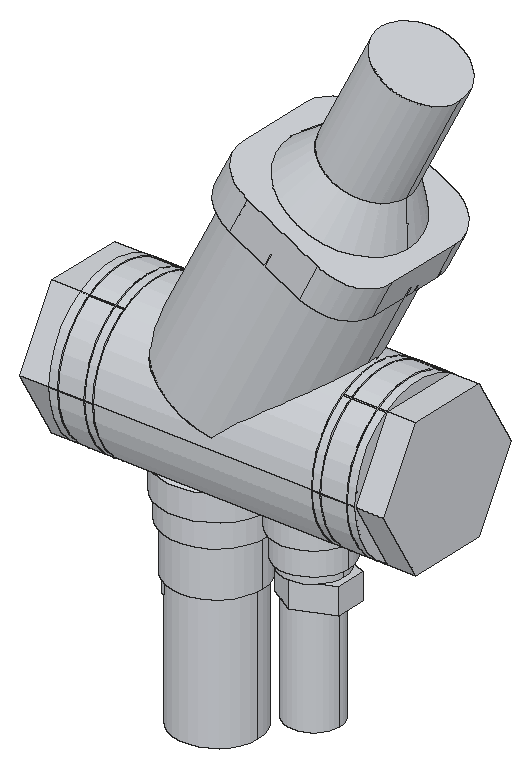
Revit family "Sigma_Compact_DN025 LF_s vyp_RFA_2019", category Pipe Accessories, Revit 2019
Family settings
  Round Connector Dimension = Use Diameter
  Part Type = Valve - Breaks Into
  Work Plane-Based = No
  Always vertical = Yes
  Cut with Voids When Loaded = No
  Shared = No
Parameters (values of type "Sigma Compact DN 25 LF s vypouštěním")
  magiProductId = "c12e4a96aaac41ec97144b6aa94874"
  magiProductFamilyId = "b36b5fd198d64ff2a1a242d49e26b9"
  magiPartTypeId = 304
  isMeasuringValve [instance] = no
  ang2D [instance] = 0.00°
  Z6 = 27 mm
  Z5 = 63 mm
  Z4 = 54 mm
  Z3 = 9 mm
  Z2 = 45 mm
  XR2 = 25 mm
  XR1 = 13 mm
  W2D = 15 mm
  VersionID = "2.0/2018.12.13.2/FRESE_SIGMA_PLUG_Q13_001"
  Use Minimum Symbol Size [instance] = no
  URL = "www.hydronic.cz"
  Type Comments = "závitový; vnitřní závit; PN25; max dp=400kPa; -10~+120°C; max uzavírací tlak 1MPa"
  R4 = 15 mm
  R3 = 10 mm
  R2 = 18 mm
  R1 = 19 mm
  QmdConnectorList = "301;D;302;D"
  Productdata [instance] = ""
  NL__ve = -NL  # -16.6 mm
  NL = 16.6 mm
  Manufacturer = "Hydronic Systems Prague s.r.o."
  MC Use Limits From Balancing Method = no
  MC Throttling Minimum Value = 0
  MC Throttling Maximum Value = 0
  MC Product Code = "53-2228 DN25 FF s měřením a vypouštěním; (95-2000 l/h); kvs=3,9"
  MC Pressure Drop Minimum Value = 0.0 Pa
  MC Pressure Drop Maximum Value = 0.0 Pa
  MC Piping Given Pressure Drop [instance] = 0.0 Pa
  M5 = 34.9 mm
  M4 = 32.9 mm
  M3 = 26.9 mm
  M2 = 24.9 mm
  LP = 41.5 mm
  LM = 49.8 mm
  LL__ve = -LL  # -5.9 mm
  LLT__ve = -LLT  # -16.3 mm
  LLT = 16.3 mm
  LLL = 11 mm
  LL3 = 43 mm
  LL2 = 34 mm
  LL = 5.9 mm
  L3 = 11 mm
  L2D_Min = 30.48 mm
  L2D = 65 mm
  Description = "Automatický vyvažovací ventil"
  DR1 = yes
  DR0 = no
  DL2 = 68 mm
  D = 25 mm
  CenSd_R2_6 = R2 * cos(30.00°)  # 15.588 mm
  CAT0 = yes
  C0D1 = yes
  C0D0 = no
Types (3, lengths in mm): name | magiProductId | Z6 | Z5 | Z4 | Z3 | Z2 | R2 | NL__ve | NL | MC Product Code | M5 | M4 | M3 | M2 | LP | LM | LL__ve | LLT__ve | LLT | LL3 | LL2 | LL | DL2 | D | CenSd_R2_6
  Sigma Compact DN 15 LF s vypouštěním | "4da2706faa094394a6b47e72802cb6" | 26.1 | 60.9 | 52.2 | 8.7 | 43.5 | 14 | -15 | 15 | "53-2220 DN15 FF s měřením a vypouštěním; (40-900 l/h); kvs=2,6" | 32.5 | 30.5 | 24.5 | 22.5 | 37.5 | 45 | -5.7 | -14.9 | 14.9 | 41 | 32 | 5.7 | 66 | 15 | 12.124
  Sigma Compact DN 20 LF s vypouštěním | "4441b8ffc9524b918ae82076b70c18" | 26.1 | 60.9 | 52.2 | 8.7 | 43.5 | 14 | -15.8 | 15.8 | "53-2222 DN20 FF s měřením a vypouštěním; (86-1550 l/h); kvs=4,0" | 33.7 | 31.7 | 25.7 | 23.7 | 39.5 | 47.4 | -5.7 | -14.9 | 14.9 | 41 | 32 | 5.7 | 66 | 20 | 12.124
  Sigma Compact DN 25 LF s vypouštěním | "c12e4a96aaac41ec97144b6aa94874" | 27 | 63 | 54 | 9 | 45 | 18 | -16.6 | 16.6 | "53-2228 DN25 FF s měřením a vypouštěním; (95-2000 l/h); kvs=3,9" | 34.9 | 32.9 | 26.9 | 24.9 | 41.5 | 49.8 | -5.9 | -16.3 | 16.3 | 43 | 34 | 5.9 | 68 | 25 | 15.588
Reference planes
  plane 1 "Center (Front/Back)": y = 0
  plane 2 "XYPLANE": z = 0
  plane 3 "Center (Left/Right)": x = 0
  plane 4 "408": x = 41.5
  plane 5 "407": x = -41.5
  plane 6 "404": z = -37.1
  plane 7 "403": z = -43
  plane 8 "402": z = -68
  plane 9 "213": x = -11
  plane 10 "168": z = -12.3
  plane 11 "167": z = -14.3
  plane 12 "166": z = -20.2
  plane 13 "165": z = -26.1
  plane 14 "164": z = -28.1
  plane 15 "154": z = 0
  plane 16 "152": y = 0
  plane 17 "151": z = -34
  plane 18 "150": x = 11
  plane 19 "75": through (318.218, 0, 679.605) normal (0.891, 0, -0.454)
  plane 20 "74": x = 34.9
  plane 21 "73": x = 32.9
  plane 22 "72": x = 26.9
  plane 23 "71": x = 24.9
  plane 24 "70": x = -34.9
  plane 25 "69": x = -32.9
  plane 26 "68": x = -26.9
  plane 27 "67": y = 0
  plane 28 "66": through (-666.893, 0, 343.166) normal (0.454, 0, 0.891)
  plane 29 "65": x = -24.9
  plane 30 "64": through (335.147, 0, 670.979) normal (0.891, 0, -0.454)
  plane 31 "63": through (-647.825, 0, 380.588) normal (0.454, 0, 0.891)
  plane 32 "62": through (352.076, 0, 662.353) normal (0.891, 0, -0.454)
  plane 33 "61": y = 19
  plane 34 "60": y = -19
  plane 35 "59": through (-643.739, 0, 388.607) normal (0.454, 0, 0.891)
  plane 36 "58": through (-639.653, 0, 396.626) normal (0.454, 0, 0.891)
  plane 37 "56": x = 0
  plane 38 "55": through (-668.255, 0, 340.493) normal (0.454, 0, 0.891)
  plane 39 "102XY": through (-668.255, 0, 340.493) normal (0.454, 0, 0.891)
  plane 40 "102XZ": y = 0
  plane 41 "102YZ": through (340.493, 0, 668.255) normal (0.891, 0, -0.454)
Forms (mm)
  Extrusion 1, solid
    sketch origin (41.5, -750, 0) x (0, 1, 0) y (0, 0, 1)
      loop
        line (768, 0) -> (759, 15.588) -> (741, 15.588) -> (732, 0) -> (741, -15.588) -> (759, -15.588) -> (768, 0)
    from 0 to -16.6 <- "NL__ve"
  Extrusion 2, solid
    sketch origin (-41.5, -750, 0) x (0, 1, 0) y (0, 0, 1)
      loop
        line (732, 0) -> (741, -15.588) -> (759, -15.588) -> (768, 0) -> (759, 15.588) -> (741, 15.588) -> (732, 0)
    from 0 to 16.6 <- "NL"
  Extrusion 3, solid, visible <- "C0D1"
    sketch origin (-750, 0, -68) x (1, 0, 0) y (0, 1, 0)
      loop
        circle (739, 0) r 9.4
    from 0 to 50
  Extrusion 4, solid, visible <- "DR1"
    sketch origin (-750, 0, -37.1) x (1, 0, 0) y (0, 1, 0)
      loop
        line (739, -8) -> (745.928, -4) -> (745.928, 4) -> (739, 8) -> (729.672, 4) -> (729.672, -4) -> (739, -8)
    from 0 to -5.9 <- "LL__ve"
  Extrusion 5, solid, visible <- "DR1"
    sketch origin (-750, 0, -37.1) x (1, 0, 0) y (0, 1, 0)
      loop
        circle (739, 0) r 10.4
    from 0 to 11 <- "LLL"
  Extrusion 6, solid, visible <- "DR1"
    sketch origin (-750, 0, -26.1) x (1, 0, 0) y (0, 1, 0)
      loop
        circle (739, 0) r 11.4
    from 0 to 5.9 <- "LL"
  Extrusion 7, solid, visible <- "DR1"
    sketch origin (-750, 0, -20.2) x (1, 0, 0) y (0, 1, 0)
      loop
        circle (739, 0) r 12.4
    from 0 to 5.9 <- "LL"
  Blend 8, solid, visible <- "DR1"
    base sketch origin (-750, 0, -12.3) x (1, 0, 0) y (0, 1, 0)
      loop
        circle (739, 0) r 9.9
    top sketch origin (-750, 0, -12.3) x (1, 0, 0) y (0, 1, 0)
      loop
        circle (739, 0) r 12.4
    from 0 to -2
  Extrusion 9, solid, visible <- "DR1"
    sketch origin (-750, 0, 0) x (1, 0, 0) y (0, 1, 0)
      loop
        circle (739, 0) r 9.9
    from 0 to -16.3 <- "LLT__ve"
  Extrusion 10, solid, visible <- "C0D0"
    sketch origin (-750, 0, -34) x (1, 0, 0) y (0, 1, 0)
      loop
        circle (739, 0) r 8.4
    from 0 to -25
  Extrusion 11, solid, visible <- "DR0"
    sketch origin (-750, 0, -28.1) x (1, 0, 0) y (0, 1, 0)
      loop
        line (739, -7) -> (745.062, -3.5) -> (745.062, 3.5) -> (739, 7) -> (730.538, 3.5) -> (730.538, -3.5) -> (739, -7)
    from 0 to -5.9 <- "LL__ve"
  Extrusion 12, solid, visible <- "DR0"
    sketch origin (-750, 0, -28.1) x (1, 0, 0) y (0, 1, 0)
      loop
        circle (739, 0) r 9.4
    from 0 to 2
  Extrusion 13, solid, visible <- "DR0"
    sketch origin (-750, 0, -20.2) x (1, 0, 0) y (0, 1, 0)
      loop
        circle (739, 0) r 11.4
    from 0 to 5.9 <- "LL"
  Blend 14, solid, visible <- "DR0"
    base sketch origin (-750, 0, -12.3) x (1, 0, 0) y (0, 1, 0)
      loop
        circle (739, 0) r 8.9
    top sketch origin (-750, 0, -12.3) x (1, 0, 0) y (0, 1, 0)
      loop
        circle (739, 0) r 11.4
    from 0 to -2
  Extrusion 15, solid, visible <- "DR0"
    sketch origin (-750, 0, 0) x (1, 0, 0) y (0, 1, 0)
      loop
        circle (739, 0) r 8.9
    from 0 to -16.3 <- "LLT__ve"
  Extrusion 16, solid, visible <- "DR0"
    sketch origin (-750, 0, 0) x (1, 0, 0) y (0, 1, 0)
      loop
        circle (739, 0) r 8.9
    from 0 to -16.3 <- "LLT__ve"
  Blend 17, solid, visible <- "DR0"
    base sketch origin (-750, 0, -12.3) x (1, 0, 0) y (0, 1, 0)
      loop
        circle (739, 0) r 8.9
    top sketch origin (-750, 0, -12.3) x (1, 0, 0) y (0, 1, 0)
      loop
        circle (739, 0) r 11.4
    from 0 to -2
  Extrusion 18, solid, visible <- "DR0"
    sketch origin (-750, 0, -20.2) x (1, 0, 0) y (0, 1, 0)
      loop
        circle (739, 0) r 11.4
    from 0 to 5.9 <- "LL"
  Extrusion 19, solid, visible <- "DR0"
    sketch origin (-750, 0, -26.1) x (1, 0, 0) y (0, 1, 0)
      loop
        circle (739, 0) r 10.4
    from 0 to 5.9 <- "LL"
  Extrusion 20, solid, visible <- "DR0"
    sketch origin (-750, 0, -28.1) x (1, 0, 0) y (0, 1, 0)
      loop
        circle (739, 0) r 9.4
    from 0 to 2
  Extrusion 21, solid, visible <- "DR0"
    sketch origin (-750, 0, -28.1) x (1, 0, 0) y (0, 1, 0)
      loop
        line (739, -7) -> (745.062, -3.5) -> (745.062, 3.5) -> (739, 7) -> (730.538, 3.5) -> (730.538, -3.5) -> (739, -7)
    from 0 to -5.9 <- "LL__ve"
  Extrusion 22, solid, visible <- "C0D0"
    sketch origin (-750, 0, -34) x (1, 0, 0) y (0, 1, 0)
      loop
        circle (739, 0) r 8.4
    from 0 to -25
  Extrusion 23, solid, visible <- "CAT0"
    sketch origin (-750, 0, -34) x (1, 0, 0) y (0, 1, 0)
      loop
        circle (761, 0) r 6
    from 0 to -25
  Extrusion 24, solid
    sketch origin (-750, 0, -28.1) x (1, 0, 0) y (0, 1, 0)
      loop
        line (761, -7) -> (769.462, -3.5) -> (769.462, 3.5) -> (761, 7) -> (754.938, 3.5) -> (754.938, -3.5) -> (761, -7)
    from 0 to -5.9 <- "LL__ve"
  Extrusion 25, solid
    sketch origin (-750, 0, -28.1) x (1, 0, 0) y (0, 1, 0)
      loop
        circle (761, 0) r 7
    from 0 to 2
  Extrusion 26, solid
    sketch origin (-750, 0, -26.1) x (1, 0, 0) y (0, 1, 0)
      loop
        circle (761, 0) r 8
    from 0 to 5.9 <- "LL"
  Extrusion 27, solid
    sketch origin (-750, 0, -20.2) x (1, 0, 0) y (0, 1, 0)
      loop
        circle (761, 0) r 9
    from 0 to 5.9 <- "LL"
  Blend 28, solid
    base sketch origin (-750, 0, -12.3) x (1, 0, 0) y (0, 1, 0)
      loop
        circle (761, 0) r 6.5
    top sketch origin (-750, 0, -12.3) x (1, 0, 0) y (0, 1, 0)
      loop
        circle (761, 0) r 9
    from 0 to -2
  Extrusion 29, solid
    sketch origin (-750, 0, 0) x (1, 0, 0) y (0, 1, 0)
      loop
        circle (761, 0) r 6.5
    from 0 to -16.3 <- "LLT__ve"
  Blend 30, solid, visible <- "CAT0"
    base sketch origin (32.9, -750, 0) x (0, 1, 0) y (0, 0, 1)
      loop
        circle (750, 0) r 18
    top sketch origin (32.9, -750, 0) x (0, 1, 0) y (0, 0, 1)
      loop
        circle (750, 0) r 18
    from 0 to 2
  Extrusion 31, solid, visible <- "CAT0"
    sketch origin (26.9, -750, 0) x (0, 1, 0) y (0, 0, 1)
      loop
        circle (750, 0) r 18
    from 0 to 6
  Blend 32, solid, visible <- "CAT0"
    base sketch origin (24.9, -750, 0) x (0, 1, 0) y (0, 0, 1)
      loop
        circle (750, 0) r 18
    top sketch origin (24.9, -750, 0) x (0, 1, 0) y (0, 0, 1)
      loop
        circle (750, 0) r 18
    from 0 to 2
  Blend 33, solid, visible <- "CAT0"
    base sketch origin (-32.9, -750, 0) x (0, 1, 0) y (0, 0, 1)
      loop
        circle (750, 0) r 18
    top sketch origin (-32.9, -750, 0) x (0, 1, 0) y (0, 0, 1)
      loop
        circle (750, 0) r 18
    from 0 to -2
  Extrusion 34, solid, visible <- "CAT0"
    sketch origin (-32.9, -750, 0) x (0, 1, 0) y (0, 0, 1)
      loop
        circle (750, 0) r 18
    from 0 to 6
  Blend 35, solid, visible <- "CAT0"
    base sketch origin (-26.9, -750, 0) x (0, 1, 0) y (0, 0, 1)
      loop
        circle (750, 0) r 18
    top sketch origin (-26.9, -750, 0) x (0, 1, 0) y (0, 0, 1)
      loop
        circle (750, 0) r 18
    from 0 to 2
  Extrusion 36, solid, visible <- "CAT0"
    sketch origin (-24.9, -750, 0) x (0, 1, 0) y (0, 0, 1)
      loop
        circle (750, 0) r 18
    from 0 to 49.8 <- "LM"
  Extrusion 37, solid, visible <- "CAT0"
    sketch origin (-666.893, 0, 343.166) x (0.891007, 0, -0.45399) y (0, 1, 0)
      loop
        circle (744, 0) r 19
    from 0 to 45 <- "Z2"
  Extrusion 38, solid, visible <- "CAT0"
    sketch origin (-647.825, 0, 380.588) x (0.891007, 0, -0.45399) y (0, 1, 0)
      loop
        arc (735, 19) -> (727.929, 16.071) -> (725, 9) r 10
        line (725, 9) -> (725, -9)
        arc (725, -9) -> (727.929, -16.071) -> (735, -19) r 10
        line (735, -19) -> (753, -19)
        arc (753, -19) -> (760.071, -16.071) -> (763, -9) r 10
        line (763, -9) -> (763, 9)
        arc (763, 9) -> (760.071, 16.071) -> (753, 19) r 10
        line (753, 19) -> (735, 19)
    from 0 to 9 <- "Z3"
  Blend 39, solid, visible <- "CAT0"
    base sketch origin (-643.739, 0, 388.607) x (0.891007, 0, -0.45399) y (0, 1, 0)
      loop
        circle (744, 0) r 15
    top sketch origin (-643.739, 0, 388.607) x (0.891007, 0, -0.45399) y (0, 1, 0)
      loop
        circle (744, 0) r 10
    from 0 to 9
  Extrusion 40, solid, visible <- "CAT0"
    sketch origin (-639.653, 0, 396.626) x (0.891007, 0, -0.45399) y (0, 1, 0)
      loop
        circle (744, 0) r 10
    from 0 to 27 <- "Z6"
  Blend 41, solid, visible <- "CAT0"
    base sketch origin (-668.255, 0, 340.493) x (0.891007, 0, -0.45399) y (0, 1, 0)
      loop
        circle (744, 0) r 15
    top sketch origin (-668.255, 0, 340.493) x (0.891007, 0, -0.45399) y (0, 1, 0)
      loop
        circle (744, 0) r 19
    from 0 to 3
  Extrusion 42, solid, not visible
    sketch origin (-34.9, -750, 0) x (0, 1, 0) y (0, 0, 1)
      loop
        circle (750, 0) r 10
    from 0 to 10
  Extrusion 43, solid, not visible
    sketch origin (34.9, -750, 0) x (0, 1, 0) y (0, 0, 1)
      loop
        circle (750, 0) r 10
    from 0 to -10
Lines and regions (mm)
  reference lines, not visible
    curve 1: circle (2, 2, 0) r 1 normal (0, 0, 1)
  reference lines
    curve 2: line (41.5, 0, 0) -> (41.5, -3.5, 6.062)
    curve 3: line (41.5, 0, 0) -> (41.5, -7, 0)
    curve 4: line (41.5, 0, 0) -> (41.5, -3.5, -6.062)
    curve 5: line (-41.5, 0, 0) -> (-41.5, 3.5, 6.062)
    curve 6: line (-41.5, 0, 0) -> (-41.5, 7, 0)
    curve 7: line (-41.5, 0, 0) -> (-41.5, 3.5, -6.062)
Dimensions and locks
  plane 1 "Center (Front/Back)" to curve 1 = 2 mm
  "LP": plane 37 "56" to plane 4 "408"
  "LP": plane 37 "56" to plane 5 "407"
  "LL": plane 7 "403" to plane 6 "404"
  "LL3": plane 2 "XYPLANE" to plane 7 "403"
  "DL2": plane 2 "XYPLANE" to plane 8 "402"
  "L3": plane 3 "Center (Left/Right)" to plane 9 "213"
  locked: plane 11 "167" to plane 10 "168" at 2
  "LL": plane 12 "166" to plane 11 "167"
  "LL": plane 13 "165" to plane 12 "166"
  locked: plane 14 "164" to plane 13 "165" at 2
  "LL": plane 17 "151" to plane 14 "164"
  locked: plane 2 "XYPLANE" to plane 15 "154"
  locked: plane 1 "Center (Front/Back)" to plane 16 "152"
  "LL2": plane 2 "XYPLANE" to plane 17 "151"
  "L3": plane 3 "Center (Left/Right)" to plane 18 "150"
  "XR2": plane 41 "102YZ" to plane 19 "75"
  "M5": plane 3 "Center (Left/Right)" to plane 20 "74"
  "M4": plane 3 "Center (Left/Right)" to plane 21 "73"
  "M3": plane 3 "Center (Left/Right)" to plane 22 "72"
  "M2": plane 3 "Center (Left/Right)" to plane 23 "71"
  "M5": plane 3 "Center (Left/Right)" to plane 24 "70"
  "M4": plane 3 "Center (Left/Right)" to plane 25 "69"
  "M3": plane 3 "Center (Left/Right)" to plane 26 "68"
  locked: plane 16 "152" to plane 27 "67"
  locked: plane 39 "102XY" to plane 28 "66" at 3
  "M2": plane 3 "Center (Left/Right)" to plane 29 "65"
  locked: plane 41 "102YZ" to plane 30 "64" at 6
  "Z2": plane 39 "102XY" to plane 31 "63"
  "XR1": plane 41 "102YZ" to plane 32 "62"
  "R1": plane 16 "152" to plane 33 "61"
  "R1": plane 16 "152" to plane 34 "60"
  "Z4": plane 39 "102XY" to plane 35 "59"
  "Z5": plane 39 "102XY" to plane 36 "58"
  locked: plane 3 "Center (Left/Right)" to plane 37 "56"
  locked: plane 39 "102XY" to plane 38 "55"
  "CenSd_R2_6": curve 2 to Extrusion 1 sketch curve  (x2)
  "CenSd_R2_6": curve 3 to Extrusion 1 sketch curve  (x2)
  "CenSd_R2_6": curve 4 to Extrusion 1 sketch curve  (x2)
  Extrusion 1 sketch curve to Extrusion 1 sketch curve = 0 mm  (x12)
  "CenSd_R2_6": curve 5 to Extrusion 2 sketch curve  (x2)
  "CenSd_R2_6": curve 6 to Extrusion 2 sketch curve  (x2)
  "CenSd_R2_6": curve 7 to Extrusion 2 sketch curve  (x2)
  Extrusion 2 sketch curve to Extrusion 2 sketch curve = 0 mm  (x12)
  Extrusion 4 sketch curve to Extrusion 4 sketch curve = 0 mm  (x12)
  Extrusion 11 sketch curve to Extrusion 11 sketch curve = 0 mm  (x12)
  Extrusion 21 sketch curve to Extrusion 21 sketch curve = 0 mm  (x12)
  Extrusion 24 sketch curve to Extrusion 24 sketch curve = 0 mm  (x12)
  Extrusion 38 sketch curve to Extrusion 38 sketch curve = 0 mm  (x16)
  "R2": radius of Blend 30 sketch curve  (x2)
  "R2": radius of Extrusion 31 sketch curve
  "R2": radius of Blend 32 sketch curve  (x2)
  "R2": radius of Blend 33 sketch curve  (x2)
  "R2": radius of Extrusion 34 sketch curve
  "R2": radius of Blend 35 sketch curve  (x2)
  "R2": radius of Extrusion 36 sketch curve
  "R1": radius of Extrusion 37 sketch curve
  radius of Extrusion 38 sketch curve = 10 mm  (x4)
  "R3": radius of Blend 39 sketch curve
  "R4": radius of Blend 39 sketch curve
  "R3": radius of Extrusion 40 sketch curve
  "R1": radius of Blend 41 sketch curve
  locked: curve 3 to curve 2 (angle 60.00°)
  locked: curve 4 to curve 3 (angle 60.00°)
  locked: curve 4 to curve 2 (angle 120.00°)
  locked: curve 6 to curve 5 (angle 60.00°)
  locked: curve 7 to curve 6 (angle 60.00°)
  locked: curve 7 to curve 5 (angle 120.00°)
  aligned and locked: level to plane 2 "XYPLANE"
  aligned and locked: plane 15 "154" to curve 4
  aligned and locked: curve 4 to plane 16 "152"
  aligned and locked: plane 15 "154" to curve 7
  aligned and locked: curve 7 to plane 16 "152"
  aligned and locked: plane 9 "213" to Extrusion 3 sketch curve
  aligned and locked: plane 16 "152" to Extrusion 3 sketch curve
  aligned and locked: plane 9 "213" to Extrusion 5 sketch curve
  aligned and locked: plane 16 "152" to Extrusion 5 sketch curve
  aligned and locked: plane 9 "213" to Extrusion 6 sketch curve
  aligned and locked: plane 16 "152" to Extrusion 6 sketch curve
  aligned and locked: plane 9 "213" to Extrusion 7 sketch curve
  aligned and locked: plane 16 "152" to Extrusion 7 sketch curve
  aligned and locked: plane 9 "213" to Blend 8 sketch curve  (x2)
  aligned and locked: plane 16 "152" to Blend 8 sketch curve  (x2)
  aligned and locked: Blend 8 to plane 11 "167"
  aligned and locked: plane 9 "213" to Extrusion 9 sketch curve
  aligned and locked: plane 16 "152" to Extrusion 9 sketch curve
  aligned and locked: plane 9 "213" to Extrusion 10 sketch curve
  aligned and locked: plane 16 "152" to Extrusion 10 sketch curve
  aligned and locked: plane 9 "213" to Extrusion 12 sketch curve
  aligned and locked: plane 16 "152" to Extrusion 12 sketch curve
  aligned and locked: plane 9 "213" to Extrusion 13 sketch curve
  aligned and locked: plane 16 "152" to Extrusion 13 sketch curve
  aligned and locked: plane 9 "213" to Blend 14 sketch curve  (x2)
  aligned and locked: plane 16 "152" to Blend 14 sketch curve  (x2)
  aligned and locked: Blend 14 to plane 11 "167"
  aligned and locked: plane 9 "213" to Extrusion 15 sketch curve
  aligned and locked: plane 16 "152" to Extrusion 15 sketch curve
  aligned and locked: plane 9 "213" to Extrusion 16 sketch curve
  aligned and locked: plane 16 "152" to Extrusion 16 sketch curve
  aligned and locked: plane 9 "213" to Blend 17 sketch curve  (x2)
  aligned and locked: plane 16 "152" to Blend 17 sketch curve  (x2)
  aligned and locked: Blend 17 to plane 11 "167"
  aligned and locked: plane 9 "213" to Extrusion 18 sketch curve
  aligned and locked: plane 16 "152" to Extrusion 18 sketch curve
  aligned and locked: plane 9 "213" to Extrusion 19 sketch curve
  aligned and locked: plane 16 "152" to Extrusion 19 sketch curve
  aligned and locked: plane 9 "213" to Extrusion 20 sketch curve
  aligned and locked: plane 16 "152" to Extrusion 20 sketch curve
  aligned and locked: plane 9 "213" to Extrusion 22 sketch curve
  aligned and locked: plane 16 "152" to Extrusion 22 sketch curve
  aligned and locked: plane 16 "152" to Extrusion 23 sketch curve
  aligned and locked: plane 18 "150" to Extrusion 23 sketch curve
  aligned and locked: plane 16 "152" to Extrusion 25 sketch curve
  aligned and locked: plane 18 "150" to Extrusion 25 sketch curve
  aligned and locked: plane 16 "152" to Extrusion 26 sketch curve
  aligned and locked: plane 18 "150" to Extrusion 26 sketch curve
  aligned and locked: plane 16 "152" to Extrusion 27 sketch curve
  aligned and locked: plane 18 "150" to Extrusion 27 sketch curve
  aligned and locked: plane 16 "152" to Blend 28 sketch curve  (x2)
  aligned and locked: plane 18 "150" to Blend 28 sketch curve  (x2)
  aligned and locked: Blend 28 to plane 11 "167"
  aligned and locked: plane 16 "152" to Extrusion 29 sketch curve
  aligned and locked: plane 18 "150" to Extrusion 29 sketch curve
  aligned and locked: plane 15 "154" to Blend 30 sketch curve  (x2)
  aligned and locked: Blend 30 sketch curve to plane 16 "152"  (x2)
  aligned and locked: plane 20 "74" to Blend 30
  aligned and locked: plane 15 "154" to Extrusion 31 sketch curve
  aligned and locked: Extrusion 31 sketch curve to plane 16 "152"
  aligned and locked: plane 15 "154" to Blend 32 sketch curve  (x2)
  aligned and locked: Blend 32 sketch curve to plane 16 "152"  (x2)
  aligned and locked: plane 22 "72" to Blend 32
  aligned and locked: plane 15 "154" to Blend 33 sketch curve  (x2)
  aligned and locked: Blend 33 sketch curve to plane 16 "152"  (x2)
  aligned and locked: Blend 33 to plane 24 "70"
  aligned and locked: plane 15 "154" to Extrusion 34 sketch curve
  aligned and locked: Extrusion 34 sketch curve to plane 16 "152"
  aligned and locked: plane 15 "154" to Blend 35 sketch curve  (x2)
  aligned and locked: Blend 35 sketch curve to plane 16 "152"  (x2)
  aligned and locked: plane 29 "65" to Blend 35
  aligned and locked: plane 15 "154" to Extrusion 36 sketch curve
  aligned and locked: Extrusion 36 sketch curve to plane 16 "152"
  aligned and locked: plane 27 "67" to Extrusion 37 sketch curve
  aligned and locked: Extrusion 37 sketch curve to plane 30 "64"
  aligned and locked: Extrusion 38 sketch curve to plane 19 "75"
  aligned and locked: Extrusion 38 sketch curve to plane 34 "60"
  aligned and locked: Extrusion 38 sketch curve to plane 32 "62"
  aligned and locked: plane 33 "61" to Extrusion 38 sketch curve
  aligned and locked: plane 27 "67" to Blend 39 sketch curve  (x2)
  aligned and locked: Blend 39 sketch curve to plane 30 "64"  (x2)
  aligned and locked: plane 36 "58" to Blend 39
  aligned and locked: plane 27 "67" to Extrusion 40 sketch curve
  aligned and locked: Extrusion 40 sketch curve to plane 30 "64"
  aligned and locked: plane 27 "67" to Blend 41 sketch curve  (x2)
  aligned and locked: Blend 41 sketch curve to plane 30 "64"  (x2)
  aligned and locked: plane 28 "66" to Blend 41
  aligned and locked: plane 15 "154" to Extrusion 42 sketch curve
  aligned and locked: Extrusion 42 sketch curve to plane 16 "152"
  aligned and locked: plane 15 "154" to Extrusion 43 sketch curve
  aligned and locked: Extrusion 43 sketch curve to plane 16 "152"
Automatic sketch dimensions
  plane 29 "65" to Extrusion 3 sketch curve = 4.5 mm
  Extrusion 4 sketch curve to plane 9 "213" = 0 mm  (x2)
  plane 29 "65" to Extrusion 4 sketch curve = 4.572 mm
  Extrusion 4 sketch curve to plane 3 "Center (Left/Right)" = 4.072 mm
  plane 1 "Center (Front/Back)" to Extrusion 4 sketch curve = 8 mm
  plane 1 "Center (Front/Back)" to Extrusion 4 sketch curve = 4 mm  (x2)
  Extrusion 4 sketch curve to plane 1 "Center (Front/Back)" = 4 mm  (x2)
  Extrusion 4 sketch curve to Extrusion 4 sketch curve = 4 mm
  plane 29 "65" to Extrusion 5 sketch curve = 3.5 mm
  plane 29 "65" to Extrusion 6 sketch curve = 2.5 mm
  plane 29 "65" to Extrusion 7 sketch curve = 1.5 mm
  plane 29 "65" to Blend 8 sketch curve = 4 mm
  plane 29 "65" to Blend 8 sketch curve = 1.5 mm
  plane 29 "65" to Extrusion 9 sketch curve = 4 mm
  plane 29 "65" to Extrusion 10 sketch curve = 5.5 mm
  Extrusion 11 sketch curve to plane 9 "213" = 0 mm  (x2)
  plane 29 "65" to Extrusion 11 sketch curve = 5.438 mm
  Extrusion 11 sketch curve to plane 3 "Center (Left/Right)" = 4.938 mm
  plane 1 "Center (Front/Back)" to Extrusion 11 sketch curve = 7 mm
  plane 1 "Center (Front/Back)" to Extrusion 11 sketch curve = 3.5 mm  (x2)
  Extrusion 11 sketch curve to plane 1 "Center (Front/Back)" = 3.5 mm  (x2)
  Extrusion 11 sketch curve to Extrusion 11 sketch curve = 3.5 mm
  plane 29 "65" to Extrusion 12 sketch curve = 4.5 mm
  plane 29 "65" to Extrusion 13 sketch curve = 2.5 mm
  plane 29 "65" to Blend 14 sketch curve = 5 mm
  plane 29 "65" to Blend 14 sketch curve = 2.5 mm
  plane 29 "65" to Extrusion 15 sketch curve = 5 mm
  plane 29 "65" to Extrusion 16 sketch curve = 5 mm
  plane 29 "65" to Blend 17 sketch curve = 5 mm
  plane 29 "65" to Blend 17 sketch curve = 2.5 mm
  plane 29 "65" to Extrusion 18 sketch curve = 2.5 mm
  plane 29 "65" to Extrusion 19 sketch curve = 3.5 mm
  plane 29 "65" to Extrusion 20 sketch curve = 4.5 mm
  Extrusion 21 sketch curve to plane 9 "213" = 0 mm  (x2)
  plane 29 "65" to Extrusion 21 sketch curve = 5.438 mm
  Extrusion 21 sketch curve to plane 3 "Center (Left/Right)" = 4.938 mm
  plane 1 "Center (Front/Back)" to Extrusion 21 sketch curve = 7 mm
  plane 1 "Center (Front/Back)" to Extrusion 21 sketch curve = 3.5 mm  (x2)
  Extrusion 21 sketch curve to plane 1 "Center (Front/Back)" = 3.5 mm  (x2)
  Extrusion 21 sketch curve to Extrusion 21 sketch curve = 3.5 mm
  plane 29 "65" to Extrusion 22 sketch curve = 5.5 mm
  plane 3 "Center (Left/Right)" to Extrusion 23 sketch curve = 5 mm
  Extrusion 24 sketch curve to plane 18 "150" = 0 mm  (x2)
  plane 3 "Center (Left/Right)" to Extrusion 24 sketch curve = 4.938 mm
  Extrusion 24 sketch curve to plane 23 "71" = 5.438 mm
  plane 1 "Center (Front/Back)" to Extrusion 24 sketch curve = 7 mm
  plane 1 "Center (Front/Back)" to Extrusion 24 sketch curve = 3.5 mm  (x2)
  Extrusion 24 sketch curve to plane 1 "Center (Front/Back)" = 3.5 mm  (x2)
  Extrusion 24 sketch curve to Extrusion 24 sketch curve = 3.5 mm
  plane 3 "Center (Left/Right)" to Extrusion 25 sketch curve = 4 mm
  plane 3 "Center (Left/Right)" to Extrusion 26 sketch curve = 3 mm
  plane 3 "Center (Left/Right)" to Extrusion 27 sketch curve = 2 mm
  plane 3 "Center (Left/Right)" to Blend 28 sketch curve = 4.5 mm
  plane 3 "Center (Left/Right)" to Blend 28 sketch curve = 2 mm
  plane 3 "Center (Left/Right)" to Extrusion 29 sketch curve = 4.5 mm
  plane 19 "75" to Blend 41 sketch curve = 4 mm
  plane 34 "60" to Extrusion 42 sketch curve = 9 mm
  plane 34 "60" to Extrusion 43 sketch curve = 9 mm
  plane 3 "Center (Left/Right)" to curve 1 = 2 mm
  radius of curve 1 = 1 mm
Connectors
  piping at (-34.9, 0, 0), diameter 25, driven by "D"
    settings: on Extrusion 42, index 1, connector inside diameter 609.6 mm, connector length 0 mm, flow factor 0, pipe flow 0.0 L/s, pressure drop 0.0 Pa, fitting loss kfactor 0, connector angle 0.00°, fixture units 0, engagement length 0 mm, angle of deflection 0.00°, flow configuration 0, flow direction 0, fitting loss method 0, system type 29, joint type 0, gender type 0, connector reference index 2, connector utility 0, adjustable connector no, is connector primary yes, connector description ""
  piping at (34.9, 0, 0), diameter 25, driven by "D"
    settings: on Extrusion 43, index 2, connector inside diameter 609.6 mm, connector length 0 mm, flow factor 0, pipe flow 0.0 L/s, pressure drop 0.0 Pa, fitting loss kfactor 0, connector angle 0.00°, fixture units 0, engagement length 0 mm, angle of deflection 0.00°, flow configuration 0, flow direction 0, fitting loss method 0, system type 29, joint type 0, gender type 0, connector reference index 1, connector utility 0, adjustable connector no, is connector primary no, connector description ""
